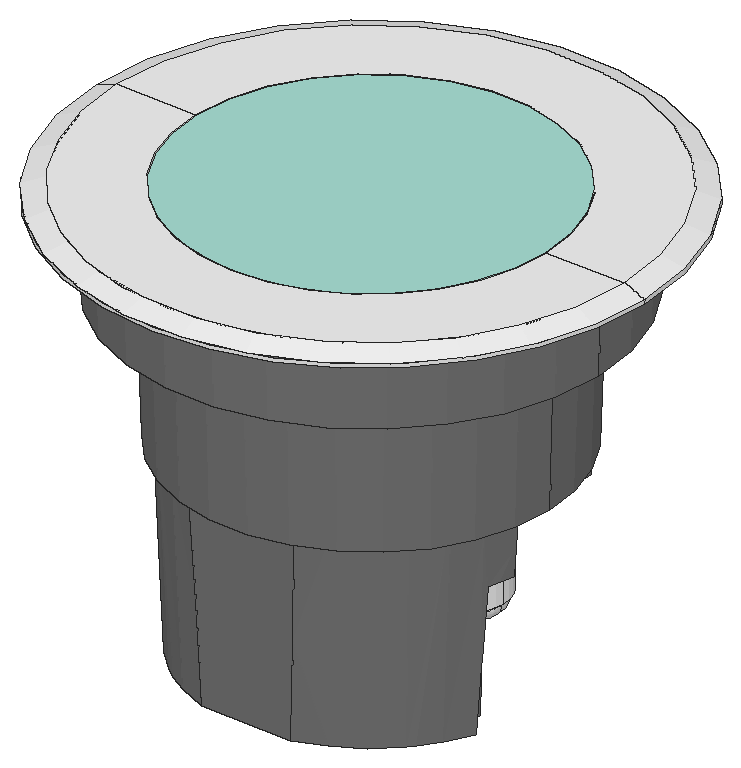
Revit family "Corso 3.0", category Lighting Fixtures, host Face, Revit 2020
Family settings
  Host = Face
  Round Connector Dimension = Use Diameter
  Part Type = Normal
  Cut with Voids When Loaded = Yes
  Light Source = Yes
  Shared = No
  Room Calculation Point = Yes
Parameters (values of type "Corso 3.0 asymmetrical (3000K 15W 230Vac)")
  Wiring = "-"
  Width mm = 148 mm
  Weight kg = "1.30 kg"
  Wattage = 9.15566 W
  built-in parameter 1150110 = 1 (stored number, unit not read)
  Voltage = 230 V
  URL Accessories and power supply units = "https://www.lucelight.it/en/prodotto.php/121572#a-scheda-accessori"
  URL = "https://www.lucelight.it/en/prodotto.php/121572"
  built-in parameter 1114217 = 1 (stored number, unit not read)
  Tiltable = "-"
  URL Technical sheet = "-"
  URL Image = "https://www.lucelight.it/en/prodotto-foto.php/121572"
  URL IES Photometric file = "https://www.lucelight.it/media/prodotti/fotometrie/corso_3.0_ies.zip"
  URL General code = "https://www.lucelight.it/en/prodotto.php/121572#a-generacodice"
  URL Description = "https://www.lucelight.it/en/capitolato.php/121572"
  URL DXF = "https://www.lucelight.it/media/prodotti/dxf/corso_3.0.dxf"
  URL Catalogue = "https://www.lucelight.it/media/prodotti/mf_brochure/corso_brochure_en.pdf"
  Trim = L&L_Steel inox AISI 316L
  Tilt Angle = 90.00°
  built-in parameter 1150109 = 1 (stored number, unit not read)
  built-in parameter 1150134 = (empty or 0)
  built-in parameter 1150113 = 1 (stored number, unit not read)
  Radius Void = 65 mm
  Power supply unit = "built-in power supply unit"
  Power supply = "230Vac"
  Power cables = "-"
  Power Supply = L&L_Steel inox AISI 316L
  Power = "15W"
  Photometric Web File = "CORSO 3.0 A [3000K 15W 230Vac].IES"
  Optics = "asymmetrical"
  Notes = "-"
  No. and type of led = "1 high power density COB LED, 3-step MacAdam, 50 000h L95 B10 (Ta 25°C)"
  Mounting = "recessed (floor)"
  Model = "Corso 3.0"
  Material = "body in thermally conductive plastic, trim in AISI 316L stainless steel, screen in tempered, serigraphed-grey and transparent extra-clear glass"
  Manufacturer = "L&L Luce&Light"
  built-in parameter 1150105 = 108.23 (stored number, unit not read)
  Lumens = 1360 lm
  built-in parameter 1150115 = 1 (stored number, unit not read)
  Lumen output at source = "1360 lm (3000K)"
  built-in parameter 1150137 = (empty or 0)
  built-in parameter 1150139 = (empty or 0)
  Lens = L&L_Tempered extra-clear glass
  Length mm = 148 mm
  built-in parameter 1150112 = 1 (stored number, unit not read)
  built-in parameter 1150114 = 1 (stored number, unit not read)
  LED Colour = "2700K, 3000K, 4000K"
  built-in parameter 1150132 = 2
  built-in parameter 1150102 = (empty or 0)
  built-in parameter 1150107 = 3000 (stored number, unit not read)
  built-in parameter 1150138 = (empty or 0)
  built-in parameter 1150106 = 1.0823 (stored number, unit not read)
  IP = "IP65, IP67"
  Height mm = 112 mm
  Height Void = 120 mm
  Geometry = Corso 3.0_mod : Corso 3.0_mod
  Features = "Speedy installation: electrical wiring simplified by the ability to connect the electrical cables directly to the fixture"
  Energy efficiency class = "A A+ A++"
  Emit from Line Length = 609.6 mm
  built-in parameter 1150104 = 13.8 (stored number, unit not read)
  Dimming Lamp Color Temperature Shift = <None>
  Description = "recessed for outdoor applications"
  Delivered lumen output = "1112 lm (3000K, 40°)"
  Default Elevation = 1219.2 mm
  Cutout dimensions = ""
  Control system = "ON/OFF"
  Contact = "T: +39 0444 360571; E: lucelight@lucelight.it"
  Company = "L&L Luce&Light"
  Color Filter = 16777215
  Code = "-"
  CRI = "80"
  Body = L&L_Technopolymer
  built-in parameter 1114218 = 1 (stored number, unit not read)
  built-in parameter 1150133 = 10 (stored number, unit not read)
  Apparent Load Phase 1 = 15 W
  Apparent Load = 0 VA
Types (6, lengths in mm): name | Photometric Web File | Optics
  Corso 3.0 L 58° (3000K 15W 230Vac) | "CORSO 3.0 L 58° [3000K 15W 230Vac].IES" | "58°"
  Corso 3.0 M 40° (3000K 15W 230Vac) | "CORSO 3.0 M 40° [3000K 15W 230Vac].IES" | "40°"
  Corso 3.0 S 13° (3000K 15W 230Vac) | "CORSO 3.0 S 13° [3000K 15W 230Vac].IES" | "13°"
  Corso 3.0 W 12°x67° (3000K 15W 230Vac) | "CORSO 3.0 W 12°x67° [3000K 15W 230Vac].IES" | "12°x67°"
  Corso 3.0 asymmetrical (3000K 15W 230Vac) | "CORSO 3.0 A [3000K 15W 230Vac].IES" | "asymmetrical"
  Corso 3.0 diffuse (3000K 15W 230Vac) | "CORSO 3.0 D [3000K 15W 230Vac].IES" | "diffuse"
Reference planes
  plane 1 "Center (Front/Back)": y = 0
  plane 2: z = 0
  plane 3 "Center (Left/Right)": x = 0
  plane 4: z = -120
Forms (mm)
  Extrusion 1, void
    sketch origin (0, 0, 0) x (1, 0, 0) y (0, 1, 0)
      loop
        circle (0, 0) r 65
    from -120 to 0
Dimensions and locks
  "Height Void": plane 4 to plane 2
  "Radius Void": radius of Extrusion 1 sketch curve
  aligned and locked: plane 2 to host face
  aligned and locked: level to host face
  aligned and locked: Extrusion 1 to plane 4
  aligned and locked: plane 2 to Extrusion 1
Automatic sketch dimensions
  host sketch curve to host sketch curve = 2438.4 mm  (x2)
  plane 1 "Center (Front/Back)" to Extrusion 1 sketch curve = 0 mm
  Extrusion 1 sketch curve to plane 3 "Center (Left/Right)" = 0 mm
Nested families
  nested 1: "Corso 3.0_mod" at (0, 0, 0), type <- "Geometry", type "Corso 3.0_mod"
Connectors
  electrical at (0, 0, 0), driven by "Apparent Load Phase 1", driven by "Voltage"
    settings: index 1, voltage 230 V, apparent load 0 VA, apparent load phase1 15 VA, apparent load phase2 0 VA, apparent load phase3 0 VA, power factor 1, load classification "Lighting", number of poles 1, system type 31, power factor state 1, is connector primary yes, connector utility no, sub classification motor no, connector description ""
Definition of nested family "Corso 3.0_mod"
  Parameters (values of type "Corso 3.0_mod")
    Trim = none
    Power supply = none
    Lens = none
    Default Elevation = 1219.2 mm
    Body = none
  Reference planes
    plane 1 "Light Source Axis (F/B)": y = 0
    plane 2: z = 0
    plane 3 "Light Source Axis (L/R)": x = 0
    plane 4 "Light Source Elevation": z = 3
    plane 5: z = -113
    plane 6: z = -21.8
  Forms (mm)
    Extrusion 1, solid, material <- "Body", detail levels coarse
      sketch origin (0, 0, 0) x (1, 0, 0) y (0, 1, 0)
        loop
          circle (0, 0) r 74
      from -113 to 3
    Extrusion 2, solid, material <- "Trim", detail levels medium
      sketch origin (0, 0, 0) x (1, 0, 0) y (0, 1, 0)
        loop
          circle (0, 0) r 74
        loop
          circle (0, 0) r 47.3
      from -21.8 to 3
    Extrusion 3, solid, material <- "Body", detail levels medium
      sketch origin (0, 0, 0) x (1, 0, 0) y (0, 1, 0)
        loop
          circle (0, 0) r 49.5
      from -113 to -21.8
    Extrusion 4, solid, material <- "Lens", detail levels medium+fine
      sketch origin (0, 0, 0) x (1, 0, 0) y (0, 1, 0)
        loop
          circle (0, 0) r 47.3
      from 0 to 3
    Revolve 5, solid, material <- "Trim", detail levels fine
      sketch origin (0, 0, 0) x (1, 0, 0) y (0, 0, 1)
        loop
          line (74, 0) -> (74, 1) -> (68.505, 3) -> (47.3, 3) -> (47.3, 0) -> (74, 0)
        axis (0, 3) -> (0, 0)
      angle from 0 to 360
    Revolve 6, solid, material <- "Body", detail levels fine
      sketch origin (0, 0, 0) x (1, 0, 0) y (0, 0, 1)
        loop
          line (61.5, -21.8) -> (62.024, 0) -> (0, 0) -> (0, -21.8) -> (61.5, -21.8)
        axis (0, -21.8) -> (0, 0)
      angle from 0 to 360
    Revolve 7, solid, material <- "Body", detail levels fine
      sketch origin (0, 0, 0) x (1, 0, 0) y (0, 0, 1)
        loop
          line (48.221, -59) -> (49.521, -21.8) -> (0, -21.8) -> (0, -109) -> (43.595, -109) -> (45.874, -59) -> (48.221, -59)
        axis (0, -109) -> (0, -21.8)
      angle from 0 to 360
    Extrusion 8, void
      sketch origin (139.173, -135.861, 0) x (0, -1, 0) y (0, 0, 1)
        loop
          line (-128.81, -59) -> (-204.135, -59) -> (-204.135, -117.329) -> (-126.773, -117.329) -> (-128.81, -59)
      from 0 to 250
    Revolve 9, solid, material <- "Power supply", detail levels fine
      sketch origin (-789.416, 31.697, -20.313) x (1, 0, 0) y (0, 0, 1)
        loop
          line (800.916, -57.687) -> (803.666, -57.687) -> (803.666, -52.687) -> (789.416, -52.687) -> (789.416, -92.2) -> (796.791, -92.2)
          arc (796.791, -92.2) -> (798.58, -91.163) -> (799.23, -89.2) r 2.913
          line (799.23, -89.2) -> (799.23, -88.337) -> (800.066, -88.337) -> (800.066, -77.087) -> (798.438, -77.087) -> (798.51, -72.887) -> (800.066, -72.887) -> (800.066, -61.637) -> (800.916, -61.637) -> (800.916, -57.687)
        axis (789.416, -92.2) -> (789.416, -52.687)
      angle from 0 to 360
    Extrusion 10, void
      sketch origin (0, 0, 0) x (0, 1, 0) y (0, 0, 1)
        loop
          line (-7.54, -73) -> (-14.263, -73) -> (-15.66, -113) -> (-8.937, -113) -> (-7.54, -73)
      from 36.431 to 57.084
    Extrusion 11, void
      sketch origin (0, 0, 0) x (0, 1, 0) y (0, 0, -1)
        loop
          line (-7.54, 73) -> (-8.937, 113) -> (-15.66, 113) -> (-14.263, 73) -> (-7.54, 73)
      from 36.431 to 57.084
    Extrusion 12, solid, material <- "Body", detail levels fine
      sketch origin (0.351, 0, 2) x (1, 0, 0) y (0, 1, 0)
        loop
          line (29.745, -7.328) -> (29.734, 36.722)
          arc (29.734, 36.722) -> (-0.455, 47.248) -> (-30.436, 36.142) r 47.25
          line (-30.436, 36.142) -> (-30.424, -7.344) -> (29.745, -7.328)
      from -75 to -61
    Extrusion 13, void
      sketch origin (0, 0, 0) x (0, 1, 0) y (0, 0, 1)
        loop
          line (-43.645, -59) -> (-59.485, -59) -> (-59.485, -113) -> (-41.76, -113) -> (-43.645, -59)
      from -117.626 to 103.311
  Cuts and joins
    Extrusion 8, Extrusion 10, Extrusion 11, Extrusion 13 cuts Revolve 7
  Dimensions and locks
    plane 5 to plane 4 "Light Source Elevation" = 116 mm
    plane 6 to plane 4 "Light Source Elevation" = 24.8 mm
    Extrusion 8 to plane 1 "Light Source Axis (F/B)" = 68.274 mm
    aligned and locked: level to plane 2
    aligned and locked: Extrusion 1 to plane 5
    aligned and locked: Extrusion 1 to plane 4 "Light Source Elevation"
    aligned and locked: Extrusion 2 to plane 6
    aligned and locked: Extrusion 2 to plane 4 "Light Source Elevation"
    aligned and locked: Extrusion 3 to plane 5
    aligned and locked: plane 6 to Extrusion 3
    aligned and locked: Extrusion 4 to level
    aligned and locked: Extrusion 4 to plane 4 "Light Source Elevation"
